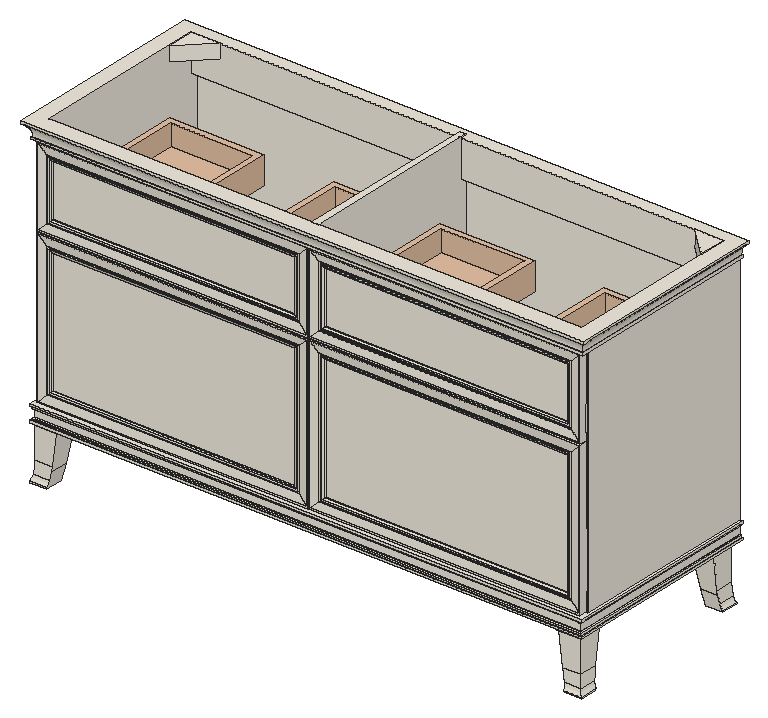
Revit family "Furniture-Floor_Mount-Vanity-KOHLER-Artifacts-K-33560", category Casework, host Face, Revit 2022
Family settings
  Host = Face
  OmniClass Number = 23.21.19.15.33
  OmniClass Title = Residential Specialty Casework
  Cut with Voids When Loaded = No
  Shared = No
  Room Calculation Point = No
Parameters (values of type "1WA-Linen White")
  Width = 60"  # constant formula
  WaterSense Certified = 1 = 0  # no
  URL = "https://www.us.kohler.com/us/"
  Type = 1
  Product Page URL = "http://www.us.kohler.com/us/catalog/productDetails.jsp?productNumber=33560"
  Product Name = "Artifacts"  # constant formula
  Product Documentation Link = "https://www.us.kohler.com/webassets/kpna/catalog/pdf/en/K-33560_spec_US-CA_Kohler_en.pdf"
  Model = if(Type = 1, "K-33560-1WA", if(Type = 2, "K-33560-1WX", if(Type = 3, "K-33560-AGA", if(Type = 4, "K-33560-BWK", if(Type = 5, "K-33560-WEK", "NA")))))  # "K-33560-1WA"
  Material = "Solid Wood"  # constant formula
  Master Format 2014 Name = "Bathroom Casework"  # constant formula
  Master Format 2014 = "12 35 30.23"  # constant formula
  Manufacturer Address = "Kohler  Co. 444 Highland Dr. Kohler, WI 53044"  # constant formula
  Manufacturer = "Kohler Co."  # constant formula
  Product Finish = Kohler-Wood-1WA-Linen_White
  Height = 34.48795"  # constant formula
  Hardware Included = 1 = 0  # no
  Finish = if(Type = 1, "Kohler-Wood-1WA-Linen White", if(Type = 2, "Kohler-Wood-1WX-New_Dark_Grey", if(Type = 3, "KOHLER-Wood-AGA-Ash_Grey", if(Type = 4, "KOHLER-Wood-BWK-Carbon_Oak", if(Type = 5, "KOHLER-Wood-WEK-Weathered_Oak", "NA")))))  # "Kohler-Wood-1WA-Linen White"
  Environmental Product Declaration = ""
  Description = "60 Inch Bathroom Vanity Cabinet"  # constant formula
  Depth = 21.88976"  # constant formula
  Default Elevation = 0"
  Declare Label = ""
  Date Modified = "02/06/2025"  # constant formula
  Date Created = "02/18/2021"  # constant formula
  Copyright = "Copyright Kohler Co."  # constant formula
  Contact Us = "https://www.us.kohler.com/us/static/contact.jsp"
  Construction Type = "Floor Mount"  # constant formula
  Assembly Code = "E2010.30"
  ADA Compliant = 1 = 0  # no
Reference planes (in)
  plane 1 "Center (Front/Back)": y = 0
  plane 2: z = 0
  plane 3 "Center (Left/Right)": x = 0
  plane 4: z = 34.48795
  plane 5: x = 28.26772
  plane 6: x = -28.26772
  plane 7: z = 5.70844
  plane 8: x = -30
  plane 9: x = 30
  plane 10: y = 10.68898
  plane 11: y = -11.20079
  plane 12: y = 8.60165
  plane 13: y = -9.66598
  plane 14: x = -28.95669
  plane 15: x = -0.05905
  plane 16: x = 0.05905
  plane 17: x = 28.95669
Dimensions and locks (in)
  "Height": plane 4 to level
  plane 6 to plane 5 = 56.53543"  (x2)
  locked: plane 7 to level at 5.70844
  "Width": plane 8 to plane 9
  plane 12 to plane 13 = 18.26763"
  "Depth": plane 11 to plane 10
  plane 4 to level = 34.48795"
  plane 4 to plane 7 = 28.77951"
  plane 10 to plane 11 = 21.88976"
  aligned and locked: plane 2 to host face
  aligned and locked: level to host face
  aligned and locked: plane 11 to nested 1
Automatic sketch dimensions
  host sketch curve to host sketch curve = 96"  (x2)
Nested families (in)
  nested 1: "K-33560" at (0, 0, 0), type "K-33560"
Definition of nested family "K-33560"
  Parameters
    Material = none
    Default Elevation = 0"
  Reference planes (in)
    plane 1 "Center (Front/Back)": y = 0
    plane 2: z = 0
    plane 3 "Center (Left/Right)": x = 0
    plane 4: z = 34.48797
    plane 5: z = 5.70844
    plane 6: x = -30
    plane 7: x = 30
    plane 8: y = -11.20079
    plane 9: y = 8.60165
    plane 10: y = -9.82354
    plane 11: y = 10.68898
    plane 12: x = 0.05905
    plane 13: x = 28.95669
    plane 14: x = -0.05905
    plane 15: x = -28.95669
    plane 16: x = -28.26772
    plane 17: x = 28.26772
    plane 18: y = 9.78284
    plane 19: y = -9.66598
    plane 20: x = 14.38961
    plane 21: x = -14.38961
    plane 22: z = 17.18482
  Forms (in)
    Sweep 1, solid, material <- "Material"
      path origin (0, 0, 0) x (1, 0, 0) y (0, 1, 0)
        loop
          line (-30, 10.68898) -> (-30, -11.20079) -> (30, -11.20079) -> (30, 10.68898)
      profile origin (0, -11.20079, 0) x (0, 1, 0) y (0, 0, 1)
        loop
          line (4.71667, 34.48797) -> (0, 34.48797) -> (0, 34.17301)
          arc (0, 34.17301) -> (0.55132, 33.64836) -> (0.74803, 32.91317) r 1.40448
          line (0.74803, 32.91317) -> (0.62992, 32.91317) -> (0.62992, 32.67694) -> (4.71667, 32.67694) -> (4.71667, 34.48797)
        loop
          line (4.71667, 7.51946) -> (0.47244, 7.51946) -> (0.47244, 7.28324) -> (0.59055, 7.28324) -> (0.59055, 7.16513)
          arc (0.59055, 7.16513) -> (0.64161, 7.11387) -> (0.66929, 7.04702) r 0.18633
          line (0.66929, 7.04702) -> (0.7874, 7.04702) -> (0.7874, 6.18088) -> (0.66929, 6.18088)
          arc (0.66929, 6.18088) -> (0.64139, 6.11418) -> (0.59055, 6.06277) r 0.18962
          line (0.59055, 6.06277) -> (0.59055, 5.94466) -> (0.47244, 5.94466) -> (0.47244, 5.70844) -> (4.71667, 5.70844) -> (4.71667, 7.51946)
    Extrusion 2, solid, material <- "Material"
      sketch origin (0, 0, 0) x (1, 0, 0) y (0, 0, 1)
        loop
          line (29.05512, 5.70844) -> (29.05512, 34.48797) -> (-29.05512, 34.48797) -> (-29.05512, 5.70844) -> (29.05512, 5.70844)
      from -10.68898 to 9.4685
    Extrusion 3, void
      sketch origin (0, 0, 0) x (1, 0, 0) y (0, 1, 0)
        loop
          line (-28.34646, 9.46817) -> (-28.34646, -9.4685) -> (28.34646, -9.4685) -> (28.34646, 9.46817) -> (-28.34646, 9.46817)
      from 8.22813 to 38.8933
    Extrusion 4, solid, material <- "Material", detail levels medium+fine
      sketch origin (0, 0, 0) x (0, 1, 0) y (0, 0, 1)
        loop
          line (-9.4685, 32.67694) -> (-9.4685, 7.51946) -> (-9.43655, 7.51946) -> (-9.43655, 32.67694) -> (-9.4685, 32.67694)
      from -29.05512 to 29.05512
    Sweep 5, solid, material <- "Material", detail levels medium+fine
      path origin (0, 0, 0) x (1, 0, 0) y (0, 0, 1)
        loop
          line (-0.05905, 32.55883) -> (-28.95669, 32.55883) -> (-28.95669, 23.97616) -> (-0.05905, 23.97616) -> (-0.05905, 32.55883)
      profile origin (-14.50787, 0, 32.55883) x (0, 0, -1) y (0, -1, 0)
        loop
          line (0, 9.58667) -> (3.93701, 9.58667) -> (3.93701, 10.05867) -> (1.53561, 10.05867) -> (1.49606, 10.15753) -> (1.29921, 10.25596) -> (1.1811, 10.25596) -> (1.16142, 10.13785) -> (1.00394, 10.13785) -> (0.98425, 10.25596) -> (0.11811, 10.37407) -> (0, 10.37407) -> (0, 9.58667)
    Extrusion 6, solid, material <- "Material", detail levels medium+fine
      sketch origin (0, 0, 0) x (1, 0, 0) y (0, 0, 1)
        loop
          line (-25.01968, 28.62183) -> (-25.01968, 27.91317) -> (-3.99606, 27.91317) -> (-3.99606, 28.62183) -> (-25.01968, 28.62183)
      from 9.58667 to 10.05867
    Sweep 7, solid, material <- "Material", detail levels medium+fine
      path origin (0, 0, 0) x (1, 0, 0) y (0, 0, 1)
        loop
          line (-0.05905, 23.85805) -> (-28.95669, 23.85805) -> (-28.95669, 7.63757) -> (-0.05905, 7.63757) -> (-0.05905, 23.85805)
      profile origin (-14.50787, 0, 23.85805) x (0, 0, -1) y (0, -1, 0)
        loop
          line (0, 9.5865) -> (6.69291, 9.5865) -> (6.69291, 10.0585) -> (1.53561, 10.0585) -> (1.49606, 10.15737) -> (1.29921, 10.2558) -> (1.1811, 10.2558) -> (1.16142, 10.13769) -> (1.00394, 10.13769) -> (0.98425, 10.2558) -> (0.11811, 10.37391) -> (0, 10.37391) -> (0, 9.5865)
    Extrusion 8, solid, material <- "Material", detail levels medium+fine
      sketch origin (0, 0, 0) x (1, 0, 0) y (0, 0, 1)
        loop
          line (-22.26378, 17.16513) -> (-22.26378, 14.33049) -> (-6.75197, 14.33049) -> (-6.75197, 17.16513) -> (-22.26378, 17.16513)
      from 9.5865 to 10.0585
    Extrusion 9, solid, material <- "Material", detail levels medium+fine
      sketch origin (0, -0.25728, -0.0019) x (0, 1, 0) y (0, 0, 1)
        loop
          arc (-9.24964, 27.71833) -> (-9.30603, 27.69497) -> (-9.32939, 27.63857) r 0.07975
          line (-9.32939, 27.63857) -> (-9.32939, 24.76557) -> (-9.21123, 24.76557) -> (-9.21123, 27.71833) -> (-9.24964, 27.71833)
        loop
          line (-9.21123, 15.51344) -> (-9.25049, 15.51344)
          arc (-9.25049, 15.51344) -> (-9.30616, 15.49038) -> (-9.32923, 15.4347) r 0.07874
          line (-9.32923, 15.4347) -> (-9.32923, 9.60793) -> (-9.21123, 9.60793) -> (-9.21123, 15.51344)
      from -28.95669 to 28.95669
    Sweep 10, solid, material <- "Material", detail levels medium+fine
      path origin (0, 0, 0) x (-1, 0, 0) y (0, 0, 1)
        loop
          line (-0.05905, 32.55883) -> (-28.95669, 32.55883) -> (-28.95669, 23.97616) -> (-0.05905, 23.97616) -> (-0.05905, 32.55883)
      profile origin (14.50787, 0, 32.55883) x (0, 0, 1) y (0, -1, 0)
        loop
          line (0, 9.58667) -> (0, 10.37407) -> (-0.11811, 10.37407) -> (-0.98425, 10.25596) -> (-1.00394, 10.13785) -> (-1.16142, 10.13785) -> (-1.1811, 10.25596) -> (-1.29921, 10.25596) -> (-1.49606, 10.15753) -> (-1.53561, 10.05867) -> (-3.93701, 10.05867) -> (-3.93701, 9.58667) -> (0, 9.58667)
    Sweep 11, solid, material <- "Material", detail levels medium+fine
      path origin (0, 0, 0) x (-1, 0, 0) y (0, 0, 1)
        loop
          line (-0.05905, 23.85805) -> (-28.95669, 23.85805) -> (-28.95669, 7.63757) -> (-0.05905, 7.63757) -> (-0.05905, 23.85805)
      profile origin (14.50787, 0, 23.85805) x (0, 0, 1) y (0, -1, 0)
        loop
          line (0, 9.5865) -> (0, 10.37391) -> (-0.11811, 10.37391) -> (-0.98425, 10.2558) -> (-1.00394, 10.13769) -> (-1.16142, 10.13769) -> (-1.1811, 10.2558) -> (-1.29921, 10.2558) -> (-1.49606, 10.15737) -> (-1.53561, 10.0585) -> (-6.69291, 10.0585) -> (-6.69291, 9.5865) -> (0, 9.5865)
    Extrusion 12, solid, material <- "Material", detail levels medium+fine
      sketch origin (0, 0, 0) x (-1, 0, 0) y (0, 0, -1)
        loop
          line (-25.01968, -28.62183) -> (-3.99606, -28.62183) -> (-3.99606, -27.91317) -> (-25.01968, -27.91317) -> (-25.01968, -28.62183)
      from 9.58667 to 10.05867
    Extrusion 13, solid, material <- "Material", detail levels medium+fine
      sketch origin (0, 0, 0) x (-1, 0, 0) y (0, 0, -1)
        loop
          line (-22.26378, -17.16513) -> (-6.75197, -17.16513) -> (-6.75197, -14.33049) -> (-22.26378, -14.33049) -> (-22.26378, -17.16513)
      from 9.5865 to 10.0585
    Extrusion 14, solid, material <- "Material", detail levels medium+fine
      sketch origin (0, 0, 0) x (1, 0, 0) y (0, 0, 1)
        loop
          arc (-29.05777, 2.07893) -> (-29.07485, 1.43058) -> (-29.14049, 0.78533) r 8.64397
          arc (-29.14049, 0.78533) -> (-29.2238, 0.4403) -> (-29.37273, 0.11811) r 1.81328
          line (-29.37273, 0.11811) -> (-29.37273, 0) -> (-27.56171, 0)
          arc (-27.56171, 0) -> (-27.37862, 0.78501) -> (-27.24268, 1.57954) r 13.51115
          line (-27.24268, 1.57954) -> (-26.69557, 5.47244) -> (-29.05777, 5.47244) -> (-29.05777, 2.07893)
      from 7.22501 to 11.50413
    Extrusion 15, void
      sketch origin (0, 0, 0) x (0, 1, 0) y (0, 0, 1)
        loop
          arc (-10.41339, 2.07893) -> (-10.43409, 1.43081) -> (-10.4961, 0.78533) r 10.15706
          arc (-10.4961, 0.78533) -> (-10.57753, 0.43964) -> (-10.72835, 0.11812) r 1.71658
          line (-10.72835, 0.11812) -> (-10.72835, 0) -> (-8.91732, 0)
          arc (-8.91732, 0) -> (-8.73424, 0.78501) -> (-8.59829, 1.57954) r 13.51115
          line (-8.59829, 1.57954) -> (-8.05118, 5.47244) -> (-10.41339, 5.47244) -> (-10.41339, 2.07893)
        loop
          line (-11.72111, 6.21798) -> (-11.72111, -0.47493) -> (-7.09512, -0.47493) -> (-7.09512, 6.21798) -> (-11.72111, 6.21798)
      from -34.73225 to 35.74638
    Extrusion 16, solid, material <- "Material", detail levels medium+fine
      sketch origin (0, 0, 0) x (-1, 0, 0) y (0, 0, -1)
        loop
          line (-29.05777, -2.07893) -> (-29.05777, -5.47244) -> (-26.69557, -5.47244) -> (-27.24268, -1.57954)
          arc (-27.24268, -1.57954) -> (-27.37862, -0.78501) -> (-27.56171, 0) r 13.51115
          line (-27.56171, 0) -> (-29.37273, 0) -> (-29.37273, -0.11811)
          arc (-29.37273, -0.11811) -> (-29.2238, -0.4403) -> (-29.14049, -0.78533) r 1.81328
          arc (-29.14049, -0.78533) -> (-29.07485, -1.43058) -> (-29.05777, -2.07893) r 8.64397
      from 7.22501 to 11.50413
    Extrusion 17, solid, material <- "Material", detail levels medium+fine
      sketch origin (0, 0, 0) x (-1, 0, 0) y (0, 0, 1)
        loop
          arc (-29.05777, 2.07893) -> (-29.07485, 1.43058) -> (-29.14049, 0.78533) r 8.64397
          arc (-29.14049, 0.78533) -> (-29.2238, 0.4403) -> (-29.37273, 0.11811) r 1.81328
          line (-29.37273, 0.11811) -> (-29.37273, 0) -> (-27.56171, 0)
          arc (-27.56171, 0) -> (-27.37862, 0.78501) -> (-27.24268, 1.57954) r 13.51115
          line (-27.24268, 1.57954) -> (-26.69557, 5.47244) -> (-29.05777, 5.47244) -> (-29.05777, 2.07893)
      from 7.05316 to 10.17717
    Extrusion 18, solid, material <- "Material", detail levels medium+fine
      sketch origin (0, 0, 0) x (1, 0, 0) y (0, 0, -1)
        loop
          line (-29.05777, -2.07893) -> (-29.05777, -5.47244) -> (-26.69557, -5.47244) -> (-27.24268, -1.57954)
          arc (-27.24268, -1.57954) -> (-27.37862, -0.78501) -> (-27.56171, 0) r 13.51115
          line (-27.56171, 0) -> (-29.37273, 0) -> (-29.37273, -0.11811)
          arc (-29.37273, -0.11811) -> (-29.2238, -0.4403) -> (-29.14049, -0.78533) r 1.81328
          arc (-29.14049, -0.78533) -> (-29.07485, -1.43058) -> (-29.05777, -2.07893) r 8.64397
      from 7.09512 to 10.17717
    Extrusion 19, void
      sketch origin (0, 0, 0) x (0, 1, 0) y (0, 0, 1)
        loop
          line (9.58692, 2.07893) -> (9.58692, 5.47244) -> (7.22471, 5.47244) -> (7.77182, 1.57954)
          arc (7.77182, 1.57954) -> (7.90777, 0.78501) -> (8.09085, 0) r 13.51115
          line (8.09085, 0) -> (9.90188, 0) -> (9.90188, 0.11812)
          arc (9.90188, 0.11812) -> (9.75106, 0.43964) -> (9.66963, 0.78533) r 1.71658
          arc (9.66963, 0.78533) -> (9.60762, 1.43081) -> (9.58692, 2.07893) r 10.15706
        loop
          line (10.89464, 6.21798) -> (6.26865, 6.21798) -> (6.26865, -0.47493) -> (10.89464, -0.47493) -> (10.89464, 6.21798)
      from -33.62709 to 32.43652
    Extrusion 20, solid, material <- "Material", detail levels medium+fine
      sketch origin (0, 0, 0) x (1, 0, 0) y (0, 1, 0)
        loop
          line (-27.38479, -6.20972) -> (-29.05512, -7.88005) -> (-29.05512, -10.41339) -> (-26.52178, -10.41339) -> (-24.85145, -8.74305)
          arc (-24.85145, -8.74305) -> (-24.79379, -8.60386) -> (-24.85145, -8.46467) r 0.19685
          line (-24.85145, -8.46467) -> (-27.1064, -6.20972)
          arc (-27.1064, -6.20972) -> (-27.24559, -6.15206) -> (-27.38479, -6.20972) r 0.19685
        loop
          line (27.38479, 5.38541) -> (29.05512, 7.05574) -> (29.05512, 9.58907) -> (26.52178, 9.58907) -> (24.85145, 7.91874)
          arc (24.85145, 7.91874) -> (24.79379, 7.77955) -> (24.85145, 7.64036) r 0.19685
          line (24.85145, 7.64036) -> (27.1064, 5.38541)
          arc (27.1064, 5.38541) -> (27.24559, 5.32775) -> (27.38479, 5.38541) r 0.19685
        loop
          arc (-27.38479, 5.38283) -> (-27.24559, 5.32517) -> (-27.1064, 5.38283) r 0.19685
          line (-27.1064, 5.38283) -> (-24.85145, 7.63778)
          arc (-24.85145, 7.63778) -> (-24.79379, 7.77697) -> (-24.85145, 7.91617) r 0.19685
          line (-24.85145, 7.91617) -> (-26.52178, 9.5865) -> (-29.05512, 9.5865) -> (-29.05512, 7.05316) -> (-27.38479, 5.38283)
        loop
          arc (27.38479, -6.20972) -> (27.24559, -6.15206) -> (27.1064, -6.20972) r 0.19685
          line (27.1064, -6.20972) -> (24.85145, -8.46467)
          arc (24.85145, -8.46467) -> (24.7938, -8.60386) -> (24.85145, -8.74305) r 0.19685
          line (24.85145, -8.74305) -> (26.52178, -10.41339) -> (29.05512, -10.41339) -> (29.05512, -7.88005) -> (27.38479, -6.20972)
      from 5.47244 to 5.94466
    Extrusion 21, solid
      sketch origin (0, 0, 0) x (1, 0, 0) y (0, 1, 0)
        loop
          line (-18.0709, 6.3584) -> (-28.14946, 6.3584) -> (-28.14946, -9.4685) -> (-0.62976, -9.4685) -> (-0.62976, 6.3584) -> (-10.70831, 6.3584) -> (-10.70831, -4.35102) -> (-18.0709, -4.35102) -> (-18.0709, 6.3584)
        loop
          line (-18.0709, -8.99595) -> (-10.70831, -8.99595) -> (-10.70831, -4.94157) -> (-18.0709, -4.94157) -> (-18.0709, -8.99595)
        loop
          line (-27.5589, -8.99595) -> (-18.66146, -8.99595) -> (-18.66146, 5.76785) -> (-27.5589, 5.76785) -> (-27.5589, -8.99595)
        loop
          line (-1.22031, -8.99595) -> (-1.22031, 5.76785) -> (-10.11776, 5.76785) -> (-10.11776, -8.99595) -> (-1.22031, -8.99595)
      from 24.76356 to 27.71643
    Extrusion 22, solid
      sketch origin (0, 0, 0) x (1, 0, 0) y (0, 1, 0)
        loop
          line (-18.0709, -8.99595) -> (-10.70831, -8.99595) -> (-10.70831, -4.35102) -> (-18.0709, -4.35102) -> (-18.0709, -8.99595)
        loop
          line (-27.5589, -8.99595) -> (-18.66146, -8.99595) -> (-18.66146, 5.76785) -> (-27.5589, 5.76785) -> (-27.5589, -8.99595)
        loop
          line (-1.22031, -8.99595) -> (-1.22031, 5.76785) -> (-10.11776, 5.76785) -> (-10.11776, -8.99595) -> (-1.22031, -8.99595)
      from 25.15726 to 25.47222
    Extrusion 23, solid
      sketch origin (0, 0, 0) x (-1, 0, 0) y (0, -1, 0)
        loop
          line (-18.0709, -6.3584) -> (-18.0709, 4.35102) -> (-10.70831, 4.35102) -> (-10.70831, -6.3584) -> (-0.62976, -6.3584) -> (-0.62976, 9.4685) -> (-28.14946, 9.4685) -> (-28.14946, -6.3584) -> (-18.0709, -6.3584)
        loop
          line (-18.0709, 8.99595) -> (-18.0709, 4.94157) -> (-10.70831, 4.94157) -> (-10.70831, 8.99595) -> (-18.0709, 8.99595)
        loop
          line (-27.5589, 8.99595) -> (-27.5589, -5.76785) -> (-18.66146, -5.76785) -> (-18.66146, 8.99595) -> (-27.5589, 8.99595)
        loop
          line (-1.22031, 8.99595) -> (-10.11776, 8.99595) -> (-10.11776, -5.76785) -> (-1.22031, -5.76785) -> (-1.22031, 8.99595)
      from 24.76356 to 27.71643
    Extrusion 24, solid
      sketch origin (0, 0, 0) x (-1, 0, 0) y (0, -1, 0)
        loop
          line (-18.0709, 8.99595) -> (-18.0709, 4.94157) -> (-10.70831, 4.94157) -> (-10.70831, 8.99595) -> (-18.0709, 8.99595)
        loop
          line (-27.5589, 8.99595) -> (-27.5589, -5.76785) -> (-18.66146, -5.76785) -> (-18.66146, 8.99595) -> (-27.5589, 8.99595)
        loop
          line (-1.22031, 8.99595) -> (-10.11776, 8.99595) -> (-10.11776, -5.76785) -> (-1.22031, -5.76785) -> (-1.22031, 8.99595)
      from 25.15726 to 25.47222
    Extrusion 25, solid, material <- "Material"
      sketch origin (0, 0, 0) x (1, 0, 0) y (0, 1, 0)
        loop
          line (-0.35433, -9.43655) -> (0.35433, -9.43655) -> (0.35433, 10.17717) -> (-0.35433, 10.17717) -> (-0.35433, -9.43655)
      from 5.70844 to 34.48797
    Extrusion 26, solid
      sketch origin (0, 0, 0) x (1, 0, 0) y (0, 0, 1)
        loop
          line (28.14946, 9.60613) -> (28.14946, 15.4355)
          arc (28.14946, 15.4355) -> (28.12716, 15.48934) -> (28.07332, 15.51164) r 0.07614
          line (28.07332, 15.51164) -> (27.63388, 15.51164)
          arc (27.63388, 15.51164) -> (27.58087, 15.48968) -> (27.55891, 15.43666) r 0.07498
          line (27.55891, 15.43666) -> (27.55891, 10.27542) -> (18.66127, 10.27542) -> (18.66127, 15.43462)
          arc (18.66127, 15.43462) -> (18.63871, 15.48908) -> (18.58425, 15.51164) r 0.07702
          line (18.58425, 15.51164) -> (18.14982, 15.51164)
          arc (18.14982, 15.51164) -> (18.09389, 15.48847) -> (18.07072, 15.43253) r 0.0791
          line (18.07072, 15.43253) -> (18.07072, 10.27542) -> (10.7085, 10.27542) -> (10.7085, 15.43286)
          arc (10.7085, 15.43286) -> (10.68542, 15.48856) -> (10.62972, 15.51164) r 0.07878
          line (10.62972, 15.51164) -> (10.19553, 15.51164)
          arc (10.19553, 15.51164) -> (10.14067, 15.48892) -> (10.11795, 15.43406) r 0.07758
          line (10.11795, 15.43406) -> (10.11795, 10.2951) -> (1.22034, 10.2951) -> (1.22034, 15.43666)
          arc (1.22034, 15.43666) -> (1.19838, 15.48968) -> (1.14536, 15.51164) r 0.07498
          line (1.14536, 15.51164) -> (0.70593, 15.51164)
          arc (0.70593, 15.51164) -> (0.65209, 15.48934) -> (0.62979, 15.4355) r 0.07614
          line (0.62979, 15.4355) -> (0.62979, 9.60613) -> (1.22034, 9.60613) -> (1.22034, 10.07857) -> (27.55891, 10.07857) -> (27.55891, 9.60613) -> (28.14946, 9.60613)
      from -6.3584 to 9.84252
    Extrusion 27, solid
      sketch origin (0, -1.9685, 0) x (0, 1, 0) y (0, 0, 1)
        loop
          line (7.73635, 15.4329) -> (7.73635, 9.60613) -> (8.3269, 9.60613) -> (8.3269, 15.4329)
          arc (8.3269, 15.4329) -> (8.30384, 15.48858) -> (8.24816, 15.51164) r 0.07874
          line (8.24816, 15.51164) -> (7.81509, 15.51164)
          arc (7.81509, 15.51164) -> (7.75941, 15.48858) -> (7.73635, 15.4329) r 0.07874
      from 0.35433 to 28.14946
    Extrusion 28, void
      sketch origin (0, 0, 0) x (1, 0, 0) y (0, 0, 1)
        loop
          line (17.55906, 13.42502) -> (17.55906, 16.51972) -> (11.14173, 16.51972) -> (11.14173, 13.42118)
          arc (11.14173, 13.42118) -> (11.27898, 13.08983) -> (11.61033, 12.95258) r 0.46859
          line (11.61033, 12.95258) -> (17.08661, 12.95258)
          arc (17.08661, 12.95258) -> (17.42068, 13.09096) -> (17.55906, 13.42502) r 0.47244
      from -9.5865 to -4.91682
    Extrusion 29, void
      sketch origin (0, 0, 0) x (1, 0, 0) y (0, 0, 1)
        loop
          arc (-17.55906, 13.42502) -> (-17.42068, 13.09096) -> (-17.08661, 12.95258) r 0.47244
          line (-17.08661, 12.95258) -> (-11.61033, 12.95258)
          arc (-11.61033, 12.95258) -> (-11.27898, 13.08983) -> (-11.14173, 13.42118) r 0.46859
          line (-11.14173, 13.42118) -> (-11.14173, 16.51972) -> (-17.55906, 16.51972) -> (-17.55906, 13.42502)
      from -9.58692 to -1.74832
    Extrusion 30, solid
      sketch origin (0, -1.9685, 0) x (0, 1, 0) y (0, 0, -1)
        loop
          arc (7.73635, -15.4329) -> (7.75941, -15.48858) -> (7.81509, -15.51164) r 0.07874
          line (7.81509, -15.51164) -> (8.24816, -15.51164)
          arc (8.24816, -15.51164) -> (8.30384, -15.48858) -> (8.3269, -15.4329) r 0.07874
          line (8.3269, -15.4329) -> (8.3269, -9.60613) -> (7.73635, -9.60613) -> (7.73635, -15.4329)
      from 0.35433 to 28.14946
    Extrusion 31, solid
      sketch origin (0, 0, 0) x (-1, 0, 0) y (0, 0, -1)
        loop
          line (28.14946, -9.60613) -> (27.55891, -9.60613) -> (27.55891, -10.07857) -> (1.22034, -10.07857) -> (1.22034, -9.60613) -> (0.62979, -9.60613) -> (0.62979, -15.4355)
          arc (0.62979, -15.4355) -> (0.65209, -15.48934) -> (0.70593, -15.51164) r 0.07614
          line (0.70593, -15.51164) -> (1.14536, -15.51164)
          arc (1.14536, -15.51164) -> (1.19838, -15.48968) -> (1.22034, -15.43666) r 0.07498
          line (1.22034, -15.43666) -> (1.22034, -10.2951) -> (10.11795, -10.2951) -> (10.11795, -15.43406)
          arc (10.11795, -15.43406) -> (10.14067, -15.48892) -> (10.19553, -15.51164) r 0.07758
          line (10.19553, -15.51164) -> (10.62972, -15.51164)
          arc (10.62972, -15.51164) -> (10.68542, -15.48856) -> (10.7085, -15.43286) r 0.07878
          line (10.7085, -15.43286) -> (10.7085, -10.27542) -> (18.07072, -10.27542) -> (18.07072, -15.43253)
          arc (18.07072, -15.43253) -> (18.09389, -15.48847) -> (18.14982, -15.51164) r 0.0791
          line (18.14982, -15.51164) -> (18.58425, -15.51164)
          arc (18.58425, -15.51164) -> (18.63871, -15.48908) -> (18.66127, -15.43462) r 0.07702
          line (18.66127, -15.43462) -> (18.66127, -10.27542) -> (27.55891, -10.27542) -> (27.55891, -15.43666)
          arc (27.55891, -15.43666) -> (27.58087, -15.48968) -> (27.63388, -15.51164) r 0.07498
          line (27.63388, -15.51164) -> (28.07332, -15.51164)
          arc (28.07332, -15.51164) -> (28.12716, -15.48934) -> (28.14946, -15.4355) r 0.07614
          line (28.14946, -15.4355) -> (28.14946, -9.60613)
      from -6.3584 to 9.4685
    Extrusion 32, solid, detail levels medium+fine
      sketch origin (12.01312, 0, 15.14656) x (1, 0, 0) y (0, 0, 1)
        loop
          line (15.3947, 10.59077) -> (15.20556, 10.63015)
          arc (15.20556, 10.63015) -> (14.69655, 10.40376) -> (15.20556, 10.17738) r 0.30485
          line (15.20556, 10.17738) -> (15.3947, 10.21676) -> (15.50202, 10.21676) -> (15.58651, 10.40376) -> (15.50202, 10.59077) -> (15.3947, 10.59077)
      from -6.71135 to -6.65308
    Extrusion 33, solid, detail levels medium+fine
      sketch origin (12.01034, 0, 15.15685) x (1, 0, 0) y (0, 0, 1)
        loop
          line (14.32627, 9.39422) -> (15.49556, 9.39422) -> (15.49556, 10.01423)
          arc (15.49556, 10.01423) -> (15.47652, 10.06021) -> (15.43053, 10.07926) r 0.06503
          line (15.43053, 10.07926) -> (14.39443, 10.07926)
          arc (14.39443, 10.07926) -> (14.34624, 10.0593) -> (14.32627, 10.01111) r 0.06815
          line (14.32627, 10.01111) -> (14.32627, 9.39422)
      from -6.71135 to 8.28773
    Extrusion 34, solid, material <- "Material", detail levels medium+fine
      sketch origin (12.00788, 0, 15.15685) x (1, 0, 0) y (0, 0, 1)
        loop
          line (15.27638, 9.39422) -> (14.55197, 9.39422) -> (14.55197, 9.28652)
          arc (14.55197, 9.28652) -> (14.5439, 9.26705) -> (14.52443, 9.25898) r 0.02754
          line (14.52443, 9.25898) -> (14.30394, 9.25898) -> (14.30394, 9.20052) -> (15.27638, 9.20052) -> (15.27638, 9.39422)
      from -6.53419 to 5.49337
    Extrusion 35, solid
      sketch origin (12.00465, 0, 15.16015) x (1, 0, 0) y (0, 0, 1)
        loop
          line (14.90599, 9.03167) -> (16.15266, 9.03167)
          arc (16.15266, 9.03167) -> (16.28629, 9.08702) -> (16.34164, 9.22065) r 0.18898
          line (16.34164, 9.22065) -> (16.3418, 10.90175) -> (16.27077, 10.90175) -> (16.27077, 10.8053) -> (16.2314, 10.75411) -> (16.2314, 9.71081) -> (16.27077, 9.65963) -> (16.27077, 9.2185)
          arc (16.27077, 9.2185) -> (16.23681, 9.1365) -> (16.15481, 9.10254) r 0.11596
          line (16.15481, 9.10254) -> (14.90425, 9.10254)
          arc (14.90425, 9.10254) -> (14.87668, 9.11396) -> (14.86526, 9.14153) r 0.039
          line (14.86526, 9.14153) -> (14.86526, 9.19722) -> (14.79439, 9.19722) -> (14.79439, 9.14327)
          arc (14.79439, 9.14327) -> (14.82708, 9.06436) -> (14.90599, 9.03167) r 0.1116
      from -5.58126 to 8.03274
    Extrusion 36, solid
      sketch origin (0, 0, 0) x (1, 0, 0) y (0, 0, 1)
        loop
          line (28.22047, 24.55009) -> (27.77501, 24.55009) -> (27.77501, 24.26269) -> (28.22047, 24.26269) -> (28.22047, 24.55009)
      from -3.95133 to 6.04913
    Extrusion 37, solid, detail levels medium+fine
      sketch origin (0, 0, 0) x (1, 0, 0) y (0, 0, 1)
        loop
          line (27.30906, 25.89359) -> (26.58071, 25.89359) -> (26.58071, 25.23611) -> (27.44685, 25.23611) -> (27.44685, 25.76761) -> (27.30906, 25.76761) -> (27.30906, 25.89359)
      from -6.65308 to -5.83754
    Extrusion 38, solid, detail levels medium+fine
      sketch origin (-12.01312, 0, -0.01087) x (-1, 0, 0) y (0, 0, -1)
        loop
          line (15.3947, -10.59077) -> (15.50202, -10.59077) -> (15.58651, -10.40376) -> (15.50202, -10.21676) -> (15.3947, -10.21676) -> (15.20556, -10.17738)
          arc (15.20556, -10.17738) -> (14.69655, -10.40376) -> (15.20556, -10.63015) r 0.30485
          line (15.20556, -10.63015) -> (15.3947, -10.59077)
      from -6.71135 to -6.65308
    Extrusion 39, solid, detail levels medium+fine
      sketch origin (-12.01034, 0, 15.15685) x (-1, 0, 0) y (0, 0, -1)
        loop
          line (14.32627, -9.39422) -> (14.32627, -10.01111)
          arc (14.32627, -10.01111) -> (14.34624, -10.0593) -> (14.39443, -10.07926) r 0.06815
          line (14.39443, -10.07926) -> (15.43053, -10.07926)
          arc (15.43053, -10.07926) -> (15.47652, -10.06021) -> (15.49556, -10.01423) r 0.06503
          line (15.49556, -10.01423) -> (15.49556, -9.39422) -> (14.32627, -9.39422)
      from -6.71135 to 8.28773
    Extrusion 40, solid
      sketch origin (-12.00465, 0, 15.16015) x (-1, 0, 0) y (0, 0, -1)
        loop
          arc (14.90599, -9.03167) -> (14.82708, -9.06436) -> (14.79439, -9.14327) r 0.1116
          line (14.79439, -9.14327) -> (14.79439, -9.19722) -> (14.86526, -9.19722) -> (14.86526, -9.14153)
          arc (14.86526, -9.14153) -> (14.87668, -9.11396) -> (14.90425, -9.10254) r 0.039
          line (14.90425, -9.10254) -> (16.15481, -9.10254)
          arc (16.15481, -9.10254) -> (16.23681, -9.1365) -> (16.27077, -9.2185) r 0.11596
          line (16.27077, -9.2185) -> (16.27077, -9.65963) -> (16.2314, -9.71081) -> (16.2314, -10.75411) -> (16.27077, -10.8053) -> (16.27077, -10.90175) -> (16.3418, -10.90175) -> (16.34164, -9.22065)
          arc (16.34164, -9.22065) -> (16.28629, -9.08702) -> (16.15266, -9.03167) r 0.18898
          line (16.15266, -9.03167) -> (14.90599, -9.03167)
      from -5.58126 to 8.03274
    Extrusion 41, solid, material <- "Material"
      sketch origin (0, 0, 0) x (-1, 0, 0) y (0, 0, -1)
        loop
          line (28.22047, -24.55009) -> (28.22047, -24.26269) -> (27.77501, -24.26269) -> (27.77501, -24.55009) -> (28.22047, -24.55009)
      from -3.95133 to 6.04913
    Extrusion 42, solid, detail levels medium+fine
      sketch origin (0, 0, -15.15743) x (-1, 0, 0) y (0, 0, -1)
        loop
          line (27.30906, -25.89359) -> (27.30906, -25.76761) -> (27.44685, -25.76761) -> (27.44685, -25.23611) -> (26.58071, -25.23611) -> (26.58071, -25.89359) -> (27.30906, -25.89359)
      from -6.65308 to -5.81042
    Extrusion 43, solid, detail levels medium+fine
      sketch origin (-12.00788, 0, 15.15685) x (-1, 0, 0) y (0, 0, -1)
        loop
          line (15.27638, -9.39422) -> (15.27638, -9.20052) -> (14.30394, -9.20052) -> (14.30394, -9.25898) -> (14.52443, -9.25898)
          arc (14.52443, -9.25898) -> (14.5439, -9.26705) -> (14.55197, -9.28652) r 0.02754
          line (14.55197, -9.28652) -> (14.55197, -9.39422) -> (15.27638, -9.39422)
      from -6.53419 to 5.49337
    Extrusion 44, solid, detail levels medium+fine
      sketch origin (16.68765, 0, 15.14656) x (-1, 0, 0) y (0, 0, -1)
        loop
          line (15.3947, -10.59077) -> (15.50202, -10.59077) -> (15.58651, -10.40376) -> (15.50202, -10.21676) -> (15.3947, -10.21676) -> (15.20556, -10.17738)
          arc (15.20556, -10.17738) -> (14.69655, -10.40376) -> (15.20556, -10.63015) r 0.30485
          line (15.20556, -10.63015) -> (15.3947, -10.59077)
      from -6.71135 to -6.65308
    Extrusion 45, solid, detail levels medium+fine
      sketch origin (16.69044, 0, 15.15685) x (-1, 0, 0) y (0, 0, -1)
        loop
          line (14.32627, -9.39422) -> (14.32627, -10.01111)
          arc (14.32627, -10.01111) -> (14.34624, -10.0593) -> (14.39443, -10.07926) r 0.06815
          line (14.39443, -10.07926) -> (15.43053, -10.07926)
          arc (15.43053, -10.07926) -> (15.47652, -10.06021) -> (15.49556, -10.01423) r 0.06503
          line (15.49556, -10.01423) -> (15.49556, -9.39422) -> (14.32627, -9.39422)
      from -6.71135 to 8.28773
    Extrusion 46, solid, detail levels medium+fine
      sketch origin (16.6929, 0, 15.15685) x (-1, 0, 0) y (0, 0, -1)
        loop
          line (15.27638, -9.39422) -> (15.27638, -9.20052) -> (14.30394, -9.20052) -> (14.30394, -9.25898) -> (14.52443, -9.25898)
          arc (14.52443, -9.25898) -> (14.5439, -9.26705) -> (14.55197, -9.28652) r 0.02754
          line (14.55197, -9.28652) -> (14.55197, -9.39422) -> (15.27638, -9.39422)
      from -6.53419 to 5.49337
    Extrusion 47, solid
      sketch origin (16.69612, 0, 15.16015) x (-1, 0, 0) y (0, 0, -1)
        loop
          arc (14.90599, -9.03167) -> (14.82708, -9.06436) -> (14.79439, -9.14327) r 0.1116
          line (14.79439, -9.14327) -> (14.79439, -9.19722) -> (14.86526, -9.19722) -> (14.86526, -9.14153)
          arc (14.86526, -9.14153) -> (14.87668, -9.11396) -> (14.90425, -9.10254) r 0.039
          line (14.90425, -9.10254) -> (16.15481, -9.10254)
          arc (16.15481, -9.10254) -> (16.23681, -9.1365) -> (16.27077, -9.2185) r 0.11596
          line (16.27077, -9.2185) -> (16.27077, -9.65963) -> (16.2314, -9.71081) -> (16.2314, -10.75411) -> (16.27077, -10.8053) -> (16.27077, -10.90175) -> (16.3418, -10.90175) -> (16.34164, -9.22065)
          arc (16.34164, -9.22065) -> (16.28629, -9.08702) -> (16.15266, -9.03167) r 0.18898
          line (16.15266, -9.03167) -> (14.90599, -9.03167)
      from -5.58126 to 8.03274
    Extrusion 48, solid, material <- "Material"
      sketch origin (28.70078, 0, 0) x (-1, 0, 0) y (0, 0, -1)
        loop
          line (28.22047, -24.55009) -> (28.22047, -24.26269) -> (27.77501, -24.26269) -> (27.77501, -24.55009) -> (28.22047, -24.55009)
      from -3.95133 to 6.04913
    Extrusion 49, solid, detail levels medium+fine
      sketch origin (28.70078, 0, 0) x (-1, 0, 0) y (0, 0, -1)
        loop
          line (27.30906, -25.89359) -> (27.30906, -25.76761) -> (27.44685, -25.76761) -> (27.44685, -25.23611) -> (26.58071, -25.23611) -> (26.58071, -25.89359) -> (27.30906, -25.89359)
      from -6.65308 to -5.91822
    Extrusion 50, solid, detail levels medium+fine
      sketch origin (-16.68765, 0, 15.14656) x (1, 0, 0) y (0, 0, 1)
        loop
          line (15.3947, 10.59077) -> (15.20556, 10.63015)
          arc (15.20556, 10.63015) -> (14.69655, 10.40376) -> (15.20556, 10.17738) r 0.30485
          line (15.20556, 10.17738) -> (15.3947, 10.21676) -> (15.50202, 10.21676) -> (15.58651, 10.40376) -> (15.50202, 10.59077) -> (15.3947, 10.59077)
      from -6.71135 to -6.65308
    Extrusion 51, solid, detail levels medium+fine
      sketch origin (-16.69044, 0, 15.15685) x (1, 0, 0) y (0, 0, 1)
        loop
          line (14.32627, 9.39422) -> (15.49556, 9.39422) -> (15.49556, 10.01423)
          arc (15.49556, 10.01423) -> (15.47652, 10.06021) -> (15.43053, 10.07926) r 0.06503
          line (15.43053, 10.07926) -> (14.39443, 10.07926)
          arc (14.39443, 10.07926) -> (14.34624, 10.0593) -> (14.32627, 10.01111) r 0.06815
          line (14.32627, 10.01111) -> (14.32627, 9.39422)
      from -6.71135 to 8.28773
    Extrusion 52, solid, detail levels medium+fine
      sketch origin (-16.6929, 0, 15.15685) x (1, 0, 0) y (0, 0, 1)
        loop
          line (15.27638, 9.39422) -> (14.55197, 9.39422) -> (14.55197, 9.28652)
          arc (14.55197, 9.28652) -> (14.5439, 9.26705) -> (14.52443, 9.25898) r 0.02754
          line (14.52443, 9.25898) -> (14.30394, 9.25898) -> (14.30394, 9.20052) -> (15.27638, 9.20052) -> (15.27638, 9.39422)
      from -6.53419 to 5.49337
    Extrusion 53, solid
      sketch origin (-16.69612, 0, 15.16015) x (1, 0, 0) y (0, 0, 1)
        loop
          line (14.90599, 9.03167) -> (16.15266, 9.03167)
          arc (16.15266, 9.03167) -> (16.28629, 9.08702) -> (16.34164, 9.22065) r 0.18898
          line (16.34164, 9.22065) -> (16.3418, 10.90175) -> (16.27077, 10.90175) -> (16.27077, 10.8053) -> (16.2314, 10.75411) -> (16.2314, 9.71081) -> (16.27077, 9.65963) -> (16.27077, 9.2185)
          arc (16.27077, 9.2185) -> (16.23681, 9.1365) -> (16.15481, 9.10254) r 0.11596
          line (16.15481, 9.10254) -> (14.90425, 9.10254)
          arc (14.90425, 9.10254) -> (14.87668, 9.11396) -> (14.86526, 9.14153) r 0.039
          line (14.86526, 9.14153) -> (14.86526, 9.19722) -> (14.79439, 9.19722) -> (14.79439, 9.14327)
          arc (14.79439, 9.14327) -> (14.82708, 9.06436) -> (14.90599, 9.03167) r 0.1116
      from -5.58126 to 8.03274
    Extrusion 54, solid, material <- "Material"
      sketch origin (-28.70078, 0, 0) x (1, 0, 0) y (0, 0, 1)
        loop
          line (28.22047, 24.55009) -> (27.77501, 24.55009) -> (27.77501, 24.26269) -> (28.22047, 24.26269) -> (28.22047, 24.55009)
      from -3.95133 to 6.04913
    Extrusion 55, solid, detail levels medium+fine
      sketch origin (-28.70078, 0, 0) x (1, 0, 0) y (0, 0, 1)
        loop
          line (27.30906, 25.89359) -> (26.58071, 25.89359) -> (26.58071, 25.23611) -> (27.44685, 25.23611) -> (27.44685, 25.76761) -> (27.30906, 25.76761) -> (27.30906, 25.89359)
      from -6.65308 to -5.91826
    Extrusion 56, solid, detail levels medium+fine
      sketch origin (12.01034, 0, -0.00069) x (1, 0, 0) y (0, 0, 1)
        loop
          line (14.32627, 9.39422) -> (15.49556, 9.39422) -> (15.49556, 10.01423)
          arc (15.49556, 10.01423) -> (15.47652, 10.06021) -> (15.43053, 10.07926) r 0.06503
          line (15.43053, 10.07926) -> (14.39443, 10.07926)
          arc (14.39443, 10.07926) -> (14.34624, 10.0593) -> (14.32627, 10.01111) r 0.06815
          line (14.32627, 10.01111) -> (14.32627, 9.39422)
      from -6.80117 to 8.28773
    Extrusion 57, solid, detail levels medium+fine
      sketch origin (12.00788, 0, -0.00069) x (1, 0, 0) y (0, 0, 1)
        loop
          line (15.27638, 9.39422) -> (14.55197, 9.39422) -> (14.55197, 9.28652)
          arc (14.55197, 9.28652) -> (14.5439, 9.26705) -> (14.52443, 9.25898) r 0.02754
          line (14.52443, 9.25898) -> (14.30394, 9.25898) -> (14.30394, 9.20052) -> (15.27638, 9.20052) -> (15.27638, 9.39422)
      from -6.80117 to 5.49337
    Extrusion 58, solid
      sketch origin (12.00465, 0, 0.0026) x (1, 0, 0) y (0, 0, 1)
        loop
          line (14.90599, 9.03167) -> (16.15266, 9.03167)
          arc (16.15266, 9.03167) -> (16.28629, 9.08702) -> (16.34164, 9.22065) r 0.18898
          line (16.34164, 9.22065) -> (16.3418, 10.90175) -> (16.27077, 10.90175) -> (16.27077, 10.8053) -> (16.2314, 10.75411) -> (16.2314, 9.71081) -> (16.27077, 9.65963) -> (16.27077, 9.2185)
          arc (16.27077, 9.2185) -> (16.23681, 9.1365) -> (16.15481, 9.10254) r 0.11596
          line (16.15481, 9.10254) -> (14.90425, 9.10254)
          arc (14.90425, 9.10254) -> (14.87668, 9.11396) -> (14.86526, 9.14153) r 0.039
          line (14.86526, 9.14153) -> (14.86526, 9.19722) -> (14.79439, 9.19722) -> (14.79439, 9.14327)
          arc (14.79439, 9.14327) -> (14.82708, 9.06436) -> (14.90599, 9.03167) r 0.1116
      from -6.09855 to 8.99595
    Extrusion 59, solid, material <- "Material"
      sketch origin (0, 0, -15.15754) x (1, 0, 0) y (0, 0, 1)
        loop
          line (28.22047, 24.55009) -> (27.77501, 24.55009) -> (27.77501, 24.26269) -> (28.22047, 24.26269) -> (28.22047, 24.55009)
      from -5.41509 to 6.04913
    Extrusion 60, solid, material <- "Material"
      sketch origin (28.70078, 0, -15.15754) x (-1, 0, 0) y (0, 0, -1)
        loop
          line (28.22047, -24.55009) -> (28.22047, -24.26269) -> (27.77501, -24.26269) -> (27.77501, -24.55009) -> (28.22047, -24.55009)
      from -5.41509 to 6.04913
    Extrusion 61, void
      sketch origin (0, 0, 0) x (1, 0, 0) y (0, 0, 1)
        loop
          line (-29.37008, 7.51946) -> (-29.56693, 7.51946) -> (-29.56693, 5.70844) -> (-29.37008, 5.70844) -> (-29.37008, 5.94466) -> (-29.25197, 5.94466) -> (-29.25197, 6.06277)
          arc (-29.25197, 6.06277) -> (-29.20143, 6.11438) -> (-29.17323, 6.18088) r 0.19437
          line (-29.17323, 6.18088) -> (-29.05512, 6.18088) -> (-29.05512, 7.04702) -> (-29.17323, 7.04702)
          arc (-29.17323, 7.04702) -> (-29.20101, 7.1138) -> (-29.25197, 7.16513) r 0.18791
          line (-29.25197, 7.16513) -> (-29.25197, 7.28324) -> (-29.37008, 7.28324) -> (-29.37008, 7.51946)
      from -12.70946 to 11.39349
    Extrusion 62, void
      sketch origin (0, 0, 0) x (1, 0, 0) y (0, 0, 1)
        loop
          line (29.37008, 7.51946) -> (29.37008, 7.28324) -> (29.25197, 7.28324) -> (29.25197, 7.16513)
          arc (29.25197, 7.16513) -> (29.20101, 7.1138) -> (29.17323, 7.04702) r 0.18791
          line (29.17323, 7.04702) -> (29.05512, 7.04702) -> (29.05512, 6.18088) -> (29.17323, 6.18088)
          arc (29.17323, 6.18088) -> (29.20143, 6.11438) -> (29.25197, 6.06277) r 0.19437
          line (29.25197, 6.06277) -> (29.25197, 5.94466) -> (29.37008, 5.94466) -> (29.37008, 5.70844) -> (29.56693, 5.70844) -> (29.56693, 7.51946) -> (29.37008, 7.51946)
      from -14.48573 to 13.17239
    Extrusion 63, void
      sketch origin (0, 0, 0) x (0, 1, 0) y (0, 0, 1)
        loop
          line (10.17717, 8.22813) -> (10.17717, 30.55096) -> (8.99606, 30.55096) -> (8.99606, 8.22813) -> (10.17717, 8.22813)
      from -28.34646 to 28.34646
    Sweep 64, solid, material <- "Material", detail levels coarse
      path origin (0, 0, 0) x (1, 0, 0) y (0, 1, 0)
        loop
          line (-30, 10.68898) -> (-30, -11.20079) -> (30, -11.20079) -> (30, 10.68898)
      profile origin (0, -11.20079, 0) x (0, 1, 0) y (0, 0, 1)
        loop
          line (4.71668, 34.48797) -> (0, 34.48797) -> (0, 34.17301) -> (0.74803, 32.91317) -> (0.62992, 32.91317) -> (0.62992, 32.67694) -> (4.71668, 32.67694) -> (4.71668, 34.48797)
        loop
          line (4.71668, 7.51946) -> (0.47244, 7.51946) -> (0.47244, 7.28324) -> (0.59055, 7.28324) -> (0.59055, 7.16513) -> (0.66929, 7.04702) -> (0.7874, 7.04702) -> (0.7874, 6.18088) -> (0.66929, 6.18088) -> (0.59055, 6.06277) -> (0.59055, 5.94466) -> (0.47244, 5.94466) -> (0.47244, 5.70844) -> (4.71668, 5.70844) -> (4.71668, 7.51946)
    Extrusion 65, solid, material <- "Material", detail levels coarse
      sketch origin (0, 0, 0) x (1, 0, 0) y (0, 0, 1)
        loop
          line (29.05512, 5.70844) -> (29.05512, 34.48797) -> (-29.05512, 34.48797) -> (-29.05512, 5.70844) -> (29.05512, 5.70844)
      from -10.17717 to 9.4685
    Extrusion 66, solid, material <- "Material", detail levels coarse
      sketch origin (0, 0, 0) x (1, 0, 0) y (0, 1, 0)
        loop
          line (-29.05512, 7.05316) -> (-27.24559, 5.24364) -> (-24.71226, 7.77697) -> (-26.52178, 9.5865) -> (-29.05512, 9.5865) -> (-29.05512, 7.05316)
        loop
          line (-27.24559, -6.07053) -> (-29.05512, -7.88005) -> (-29.05512, -10.41339) -> (-26.52178, -10.41339) -> (-24.71226, -8.60386) -> (-27.24559, -6.07053)
        loop
          line (26.51962, 9.58692) -> (24.71226, 7.77955) -> (27.24559, 5.24621) -> (29.05777, 7.05839) -> (29.05777, 9.58692) -> (26.51962, 9.58692)
        loop
          line (27.24559, -6.07053) -> (24.71226, -8.60386) -> (26.52178, -10.41339) -> (29.05777, -10.41339) -> (29.05777, -7.8827) -> (27.24559, -6.07053)
      from 5.47244 to 5.94466
    Extrusion 67, solid, material <- "Material", detail levels coarse
      sketch origin (0, 0, 0) x (1, 0, 0) y (0, 1, 0)
        loop
          line (-29.25051, 9.90188) -> (-29.25051, 7.22471) -> (-26.69557, 7.22471) -> (-26.69557, 9.90188) -> (-29.25051, 9.90188)
        loop
          line (-29.25197, -8.05118) -> (-29.25197, -10.41339) -> (-26.69557, -10.41339) -> (-26.69557, -8.05118) -> (-29.25197, -8.05118)
        loop
          line (26.69557, 7.22471) -> (29.25042, 7.22471) -> (29.25042, 9.90188) -> (26.69557, 9.90188) -> (26.69557, 7.22471)
        loop
          line (26.69557, -10.41339) -> (29.25197, -10.41339) -> (29.25197, -8.05118) -> (26.69557, -8.05118) -> (26.69557, -10.41339)
      from 0 to 5.47244
    Sweep 68, solid, material <- "Material", detail levels coarse
      path origin (0, 0, 0) x (1, 0, 0) y (0, 0, 1)
        loop
          line (-0.05905, 32.55883) -> (-28.95669, 32.55883) -> (-28.95669, 23.97616) -> (-0.05905, 23.97616) -> (-0.05905, 32.55883)
      profile origin (-14.50787, 0, 32.55883) x (0, 0, -1) y (0, -1, 0)
        loop
          line (0, 9.58667) -> (3.93701, 9.58667) -> (3.93701, 10.05867) -> (1.53561, 10.05867) -> (1.53561, 10.25596) -> (1.1811, 10.25596) -> (1.16142, 10.13785) -> (1.00394, 10.13785) -> (0.96457, 10.37407) -> (0, 10.37407) -> (0, 9.58667)
    Extrusion 69, solid, material <- "Material", detail levels coarse
      sketch origin (0, 0, 0) x (1, 0, 0) y (0, 0, 1)
        loop
          line (-25.01968, 28.62183) -> (-25.01968, 24.76367) -> (-3.99606, 24.76367) -> (-3.99606, 28.62183) -> (-25.01968, 28.62183)
      from 9.4685 to 10.05867
    Sweep 70, solid, material <- "Material", detail levels coarse
      path origin (0, 0, 0) x (1, 0, 0) y (0, 0, 1)
        loop
          line (-0.05905, 23.85805) -> (-28.95669, 23.85805) -> (-28.95669, 7.63757) -> (-0.05905, 7.63757) -> (-0.05905, 23.85805)
      profile origin (-14.50787, 0, 23.85805) x (0, 0, -1) y (0, -1, 0)
        loop
          line (0, 9.58667) -> (3.93701, 9.58667) -> (3.93701, 10.05867) -> (1.53561, 10.05867) -> (1.53561, 10.25596) -> (1.1811, 10.25596) -> (1.16142, 10.13785) -> (1.00394, 10.13785) -> (0.96457, 10.37407) -> (0, 10.37407) -> (0, 9.58667)
    Extrusion 71, solid, material <- "Material", detail levels coarse
      sketch origin (0, 0, 0) x (1, 0, 0) y (0, 0, 1)
        loop
          line (-25.01968, 19.92104) -> (-25.01968, 11.57458) -> (-3.99606, 11.57458) -> (-3.99606, 19.92104) -> (-25.01968, 19.92104)
      from 9.4685 to 10.05867
    Sweep 72, solid, material <- "Material", detail levels coarse
      path origin (0, 0, 0) x (-1, 0, 0) y (0, 0, 1)
        loop
          line (-0.05905, 32.55883) -> (-28.95669, 32.55883) -> (-28.95669, 23.97616) -> (-0.05905, 23.97616) -> (-0.05905, 32.55883)
      profile origin (14.50787, 0, 32.55883) x (0, 0, 1) y (0, -1, 0)
        loop
          line (0, 9.58667) -> (0, 10.37407) -> (-0.96457, 10.37407) -> (-1.00394, 10.13785) -> (-1.16142, 10.13785) -> (-1.1811, 10.25596) -> (-1.53561, 10.25596) -> (-1.53561, 10.05867) -> (-3.93701, 10.05867) -> (-3.93701, 9.58667) -> (0, 9.58667)
    Extrusion 73, solid, material <- "Material", detail levels coarse
      sketch origin (0, 0, 0) x (-1, 0, 0) y (0, 0, -1)
        loop
          line (-25.01968, -28.62183) -> (-3.99606, -28.62183) -> (-3.99606, -27.91317) -> (-25.01968, -27.91317) -> (-25.01968, -28.62183)
      from 9.4685 to 10.05867
    Extrusion 74, solid, material <- "Material", detail levels coarse
      sketch origin (0, 0, 0) x (-1, 0, 0) y (0, 0, -1)
        loop
          line (-25.01968, -19.92104) -> (-3.99606, -19.92104) -> (-3.99606, -11.57458) -> (-25.01968, -11.57458) -> (-25.01968, -19.92104)
      from 9.4685 to 10.05867
    Sweep 75, solid, material <- "Material", detail levels coarse
      path origin (0, 0, 0) x (-1, 0, 0) y (0, 0, 1)
        loop
          line (-0.05905, 23.85805) -> (-28.95669, 23.85805) -> (-28.95669, 7.63757) -> (-0.05905, 7.63757) -> (-0.05905, 23.85805)
      profile origin (14.50787, 0, 23.85805) x (0, 0, 1) y (0, -1, 0)
        loop
          line (0, 9.58667) -> (0, 10.37407) -> (-0.96457, 10.37407) -> (-1.00394, 10.13785) -> (-1.16142, 10.13785) -> (-1.1811, 10.25596) -> (-1.53561, 10.25596) -> (-1.53561, 10.05867) -> (-3.93701, 10.05867) -> (-3.93701, 9.58667) -> (0, 9.58667)
    Extrusion 76, solid, detail levels coarse
      sketch origin (0, 0, 0) x (1, 0, 0) y (0, 1, 0)
        loop
          line (-1.10115, 6.71135) -> (-2.42949, 6.71135) -> (-2.42949, 5.88147) -> (-1.10115, 5.88147) -> (-1.10115, 6.71135)
      from 23.85805 to 26.0619
    Extrusion 77, solid, detail levels coarse
      sketch origin (0, 0, 0) x (-1, 0, 0) y (0, -1, 0)
        loop
          line (-1.10115, -6.71135) -> (-1.10115, -5.96135) -> (-2.42949, -5.96135) -> (-2.42949, -6.71135) -> (-1.10115, -6.71135)
      from 23.85805 to 26.0619
    Extrusion 78, solid, detail levels coarse
      sketch origin (28.72047, 0, 0) x (1, 0, 0) y (0, 1, 0)
        loop
          line (-1.10115, 6.71135) -> (-2.42949, 6.71135) -> (-2.42949, 5.96135) -> (-1.10115, 5.96135) -> (-1.10115, 6.71135)
      from 23.85805 to 26.0619
    Extrusion 79, solid, detail levels coarse
      sketch origin (-28.72047, 0, 0) x (-1, 0, 0) y (0, -1, 0)
        loop
          line (-1.10115, -6.71135) -> (-1.10115, -5.96135) -> (-2.42949, -5.96135) -> (-2.42949, -6.71135) -> (-1.10115, -6.71135)
      from 23.85805 to 26.0619
    Extrusion 80, solid, detail levels coarse
      sketch origin (0, -1.69171, 0) x (1, 0, 0) y (0, 1, 0)
        loop
          line (27.59963, 8.68123) -> (26.31024, 8.68123) -> (26.31024, 8.28753) -> (27.59963, 8.28753) -> (27.59963, 8.68123)
      from 9.13364 to 10.90435
    Extrusion 81, solid, detail levels medium+fine
      sketch origin (16.76887, 0, -0.00069) x (-1, 0, 0) y (0, 0, -1)
        loop
          line (14.32627, -9.39422) -> (14.32627, -10.01111)
          arc (14.32627, -10.01111) -> (14.34624, -10.0593) -> (14.39443, -10.07926) r 0.06815
          line (14.39443, -10.07926) -> (15.43053, -10.07926)
          arc (15.43053, -10.07926) -> (15.47652, -10.06021) -> (15.49556, -10.01423) r 0.06503
          line (15.49556, -10.01423) -> (15.49556, -9.39422) -> (14.32627, -9.39422)
      from -6.71135 to 8.28773
    Extrusion 82, solid
      sketch origin (16.77456, 0, 0.0026) x (-1, 0, 0) y (0, 0, -1)
        loop
          arc (14.90599, -9.03167) -> (14.82708, -9.06436) -> (14.79439, -9.14327) r 0.1116
          line (14.79439, -9.14327) -> (14.79439, -9.19722) -> (14.86526, -9.19722) -> (14.86526, -9.14153)
          arc (14.86526, -9.14153) -> (14.87668, -9.11396) -> (14.90425, -9.10254) r 0.039
          line (14.90425, -9.10254) -> (16.15481, -9.10254)
          arc (16.15481, -9.10254) -> (16.23681, -9.1365) -> (16.27077, -9.2185) r 0.11596
          line (16.27077, -9.2185) -> (16.27077, -9.65963) -> (16.2314, -9.71081) -> (16.2314, -10.75411) -> (16.27077, -10.8053) -> (16.27077, -10.90175) -> (16.3418, -10.90175) -> (16.34164, -9.22065)
          arc (16.34164, -9.22065) -> (16.28629, -9.08702) -> (16.15266, -9.03167) r 0.18898
          line (16.15266, -9.03167) -> (14.90599, -9.03167)
      from -6.09855 to 8.99595
    Extrusion 83, solid, material <- "Material"
      sketch origin (28.77921, 0, -15.15754) x (-1, 0, 0) y (0, 0, -1)
        loop
          line (28.22047, -24.55009) -> (28.22047, -24.26269) -> (27.77501, -24.26269) -> (27.77501, -24.55009) -> (28.22047, -24.55009)
      from -5.41509 to 6.04913
    Extrusion 84, solid, detail levels coarse
      sketch origin (28.77921, -1.69171, 0) x (-1, 0, 0) y (0, -1, 0)
        loop
          line (27.59963, -8.68123) -> (27.59963, -8.28753) -> (26.31024, -8.28753) -> (26.31024, -8.68123) -> (27.59963, -8.68123)
      from 9.13364 to 10.90435
    Extrusion 85, solid, detail levels medium+fine
      sketch origin (-16.76887, 0, -0.00069) x (1, 0, 0) y (0, 0, 1)
        loop
          line (14.32627, 9.39422) -> (15.49556, 9.39422) -> (15.49556, 10.01423)
          arc (15.49556, 10.01423) -> (15.47652, 10.06021) -> (15.43053, 10.07926) r 0.06503
          line (15.43053, 10.07926) -> (14.39443, 10.07926)
          arc (14.39443, 10.07926) -> (14.34624, 10.0593) -> (14.32627, 10.01111) r 0.06815
          line (14.32627, 10.01111) -> (14.32627, 9.39422)
      from -6.71135 to 8.28773
    Extrusion 86, solid
      sketch origin (-16.77456, 0, 0.0026) x (1, 0, 0) y (0, 0, 1)
        loop
          line (14.90599, 9.03167) -> (16.15266, 9.03167)
          arc (16.15266, 9.03167) -> (16.28629, 9.08702) -> (16.34164, 9.22065) r 0.18898
          line (16.34164, 9.22065) -> (16.3418, 10.90175) -> (16.27077, 10.90175) -> (16.27077, 10.8053) -> (16.2314, 10.75411) -> (16.2314, 9.71081) -> (16.27077, 9.65963) -> (16.27077, 9.2185)
          arc (16.27077, 9.2185) -> (16.23681, 9.1365) -> (16.15481, 9.10254) r 0.11596
          line (16.15481, 9.10254) -> (14.90425, 9.10254)
          arc (14.90425, 9.10254) -> (14.87668, 9.11396) -> (14.86526, 9.14153) r 0.039
          line (14.86526, 9.14153) -> (14.86526, 9.19722) -> (14.79439, 9.19722) -> (14.79439, 9.14327)
          arc (14.79439, 9.14327) -> (14.82708, 9.06436) -> (14.90599, 9.03167) r 0.1116
      from -6.09855 to 8.99595
    Extrusion 87, solid, material <- "Material"
      sketch origin (-28.77921, 0, -15.15754) x (1, 0, 0) y (0, 0, 1)
        loop
          line (28.22047, 24.55009) -> (27.77501, 24.55009) -> (27.77501, 24.26269) -> (28.22047, 24.26269) -> (28.22047, 24.55009)
      from -5.41509 to 6.04913
    Extrusion 88, solid, detail levels coarse
      sketch origin (-28.77921, -1.69171, 0) x (1, 0, 0) y (0, 1, 0)
        loop
          line (27.59963, 8.68123) -> (26.31024, 8.68123) -> (26.31024, 8.28753) -> (27.59963, 8.28753) -> (27.59963, 8.68123)
      from 9.13364 to 10.90435
    Extrusion 89, solid, detail levels medium+fine
      sketch origin (-12.01034, 0, -0.00069) x (-1, 0, 0) y (0, 0, -1)
        loop
          line (14.32627, -9.39422) -> (14.32627, -10.01111)
          arc (14.32627, -10.01111) -> (14.34624, -10.0593) -> (14.39443, -10.07926) r 0.06815
          line (14.39443, -10.07926) -> (15.43053, -10.07926)
          arc (15.43053, -10.07926) -> (15.47652, -10.06021) -> (15.49556, -10.01423) r 0.06503
          line (15.49556, -10.01423) -> (15.49556, -9.39422) -> (14.32627, -9.39422)
      from -6.71135 to 8.28773
    Extrusion 90, solid
      sketch origin (-12.00465, 0, 0.0026) x (-1, 0, 0) y (0, 0, -1)
        loop
          arc (14.90599, -9.03167) -> (14.82708, -9.06436) -> (14.79439, -9.14327) r 0.1116
          line (14.79439, -9.14327) -> (14.79439, -9.19722) -> (14.86526, -9.19722) -> (14.86526, -9.14153)
          arc (14.86526, -9.14153) -> (14.87668, -9.11396) -> (14.90425, -9.10254) r 0.039
          line (14.90425, -9.10254) -> (16.15481, -9.10254)
          arc (16.15481, -9.10254) -> (16.23681, -9.1365) -> (16.27077, -9.2185) r 0.11596
          line (16.27077, -9.2185) -> (16.27077, -9.65963) -> (16.2314, -9.71081) -> (16.2314, -10.75411) -> (16.27077, -10.8053) -> (16.27077, -10.90175) -> (16.3418, -10.90175) -> (16.34164, -9.22065)
          arc (16.34164, -9.22065) -> (16.28629, -9.08702) -> (16.15266, -9.03167) r 0.18898
          line (16.15266, -9.03167) -> (14.90599, -9.03167)
      from -6.09855 to 8.99595
    Extrusion 91, solid
      sketch origin (0, 0, -15.15754) x (-1, 0, 0) y (0, 0, -1)
        loop
          line (28.22047, -24.55009) -> (28.22047, -24.26269) -> (27.77501, -24.26269) -> (27.77501, -24.55009) -> (28.22047, -24.55009)
      from -5.41509 to 6.04913
    Extrusion 92, solid, detail levels medium+fine
      sketch origin (0, 0, -15.15754) x (-1, 0, 0) y (0, 0, -1)
        loop
          line (27.30906, -25.89359) -> (27.30906, -25.76761) -> (27.44685, -25.76761) -> (27.44685, -25.23611) -> (26.58071, -25.23611) -> (26.58071, -25.89359) -> (27.30906, -25.89359)
      from -6.22423 to -6.3584
    Extrusion 93, solid, detail levels coarse
      sketch origin (0, -1.69171, 0) x (-1, 0, 0) y (0, -1, 0)
        loop
          line (27.59963, -8.68123) -> (27.59963, -8.28753) -> (26.31024, -8.28753) -> (26.31024, -8.68123) -> (27.59963, -8.68123)
      from 9.13364 to 10.90435
    Extrusion 94, void
      sketch origin (0, 0, 0) x (1, 0, 0) y (0, 0, 1)
        loop
          circle (-14.35039, 28.543) r 1.77165
        loop
          circle (14.35039, 28.543) r 1.77165
      from 0 to 5.49337
    Extrusion 95, solid, material <- "Material", detail levels medium+fine
      sketch origin (0, 0, 0) x (1, 0, 0) y (0, 1, 0)
        loop
          line (-25.32058, 9.46817) -> (-28.34646, 9.46817) -> (-28.34646, 6.44229) -> (-25.32058, 9.46817)
        loop
          line (25.32058, 9.46817) -> (28.34646, 6.44229) -> (28.34646, 9.46817) -> (25.32058, 9.46817)
      from 34.48797 to 32.91317
    Extrusion 96, solid, detail levels medium+fine
      sketch origin (-16.76609, 0, -0.01087) x (1, 0, 0) y (0, 0, 1)
        loop
          line (15.3947, 10.59077) -> (15.20556, 10.63015)
          arc (15.20556, 10.63015) -> (14.69655, 10.40376) -> (15.20556, 10.17738) r 0.30485
          line (15.20556, 10.17738) -> (15.3947, 10.21676) -> (15.50202, 10.21676) -> (15.58651, 10.40376) -> (15.50202, 10.59077) -> (15.3947, 10.59077)
      from -6.71135 to -6.65308
    Extrusion 97, solid, detail levels medium+fine
      sketch origin (-28.77921, 0, -15.15743) x (1, 0, 0) y (0, 0, 1)
        loop
          line (27.30906, 25.89359) -> (26.58071, 25.89359) -> (26.58071, 25.23611) -> (27.44685, 25.23611) -> (27.44685, 25.76761) -> (27.30906, 25.76761) -> (27.30906, 25.89359)
      from -6.65308 to -5.81042
    Extrusion 98, solid, detail levels medium+fine
      sketch origin (16.76609, 0, -0.01087) x (-1, 0, 0) y (0, 0, -1)
        loop
          line (15.3947, -10.59077) -> (15.50202, -10.59077) -> (15.58651, -10.40376) -> (15.50202, -10.21676) -> (15.3947, -10.21676) -> (15.20556, -10.17738)
          arc (15.20556, -10.17738) -> (14.69655, -10.40376) -> (15.20556, -10.63015) r 0.30485
